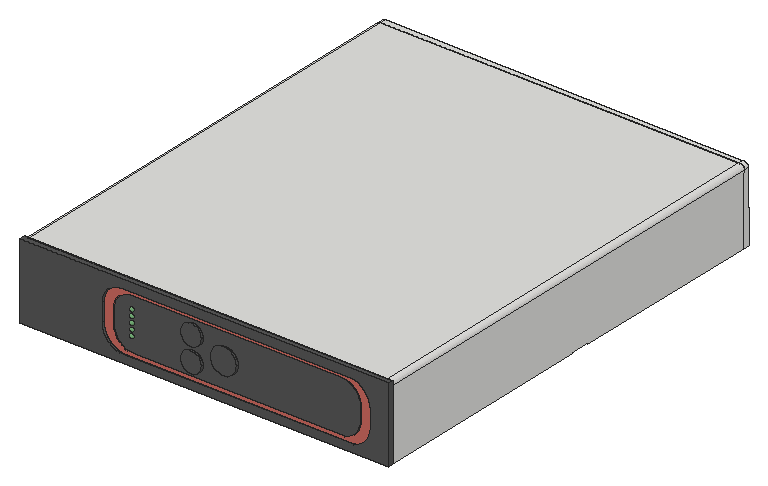
Revit family "Electronics_Video-Decoders_Biamp_Tesira_TesiraLUX_OH-1__", category Communication Devices, host Face, Revit 2020
Family settings
  Host = Face
  Maintain Annotation Orientation = No
  Round Connector Dimension = Use Diameter
  Part Type = Normal
  OmniClass Number = 23.85.10.11.11
  OmniClass Title = Sound and Signal Devices
  Cut with Voids When Loaded = No
  Shared = No
  Room Calculation Point = No
Parameters (values of type "OH-1")
  Width = 8.50"  # constant formula
  Weight = 4.00 lbf  # constant formula
  Voltage = 120 V
  Temperature Range = "32 - 104° F (0 - 40° C)"  # constant formula
  THD+N = "20Hz~20kHz: < 0.0035%"  # constant formula
  Supported Resolutions = "Up to 4K60"  # constant formula
  Selectable Full Scale Output Levels = "+24dBu, +18dBu, +12dBu, +6dBu, 0dBu, -31dBu"  # constant formula
  Sampling Rate = "48kHz"  # constant formula
  Rotation Angle [instance] = if(or([Nominal RMK-1], [Nominal RMK-2]), 0.00°, 90.00°)  # 90.00°
  RS-232 = "115200/8-N-1"  # constant formula
  Product data url = "https://www.bimobject.com/biamp/product/tesiralux-oh-1_video-encoders-decoder"
  Power Factor = 1
  Physical Interface = "HDMI"  # constant formula
  Output Impedance = "200 ohm (balanced)"  # constant formula
  Offset Entourage X [instance] = if([Nominal RMK-1], 4.4685", if([Nominal RMK-2], 4.46063", if([Nominal UTMK-1], 0.00", if(Nominal No mount, 0.00", 0.00"))))  # 0.00"
  UTMK-1 = UTMK-1 : UTMK-1
  URL = "https://www.biamp.com/"
  RMK-2 = RMK-2 : RMK-2
  Product Page URL = "https://www.biamp.com/products/tesira-video-encoders-decoders#tesiralux-oh-1"
  Product Documentation Link = "https://downloads.biamp.com/assets/docs/default-source/data-sheets/biamp_data_sheet_tesiralux_oh-1_feb20.pdf"
  RMK-1 = RMK-1 : RMK-1
  Offset Entourage Y [instance] = if([Nominal RMK-1], 1.385", if([Nominal RMK-2], 1.385", if([Nominal UTMK-1], 0.00", if(Nominal No mount, 0.00", 0.00"))))  # 0.00"
  Offset [instance] = if([Nominal RMK-1], 0.00", if([Nominal RMK-2], 0.08", if([Nominal UTMK-1], 0.08", if(Nominal No mount, 0.00", 0.00"))))  # 0.00"
  Number of Poles = 1  # constant formula
  Nominal UTMK-1 [instance] = Mount Type = [UTMK-1]  # no
  Nominal RMK-2 [instance] = Mount Type = [RMK-2]  # no
  Nominal RMK-1 [instance] = Mount Type = [RMK-1]  # no
  Nominal No mount [instance] = Mount Type = No mount  # yes
  No mount = No mount : No mount
  Mount Type [instance] = No mount : No mount
  Model = "TesiraLUX OH-1"  # constant formula
  Media Connections = "1Gb: RJ-45 twisted-pair Ethernet (Cat 5e and above); 10Gb: 10G fiber SFP+"  # constant formula
  Maximum Output = "+24dBu"  # constant formula
  Manufacturer = "Biamp"  # constant formula
  Logic Output Type = "Open Collector; Sink 40V/300mA per output"  # constant formula
  Logic Input Trigger = "Contact Closure or 5V TTL"  # constant formula
  LED Driver = "5V/10mA per output"  # constant formula
  Humidity = "0-95% relative humidity (non-condensing)"  # constant formula
  Housing Material = Biamp - Metal - Silver
  Height = 1.75"  # constant formula
  HDMI Audio Formats = "8ch PCM"  # constant formula
  Frequency Response = "+0.25 dB/-0.5 dB 20Hz~20kHz at +4dBu"  # constant formula
  Dynamic Range = "20Hz~20kHz, 0dB: > 110dB"  # constant formula
  Description = "TesiraLUX™ OH-1 AVB Video Decoder"  # constant formula
  Depth = 10.40"  # constant formula
  Default Elevation = 48.00"
  Current = 0.5 A
  Cross Talk = "channel to channel at 1kHz: < -95dB"  # constant formula
  Control Connection = "RJ-45 with Ethernet cable (Cat 5e and above)"  # constant formula
  Connector Description = "100 - 240V 50/60Hz"  # constant formula
  Compliance = "FCC Part 15B (USA); UL and C-UL (USA and Canada); CE Marked (Europe); RoHS Directive (Europe)"  # constant formula
  Colorspace = "Up to Rec. 2020"  # constant formula
  Color Formats = "Color Formats"  # constant formula
  Color Depth = "8-bit, 10-bit, 12-bit, 16-bit"  # constant formula
  Chroma Subsampling = "4:4:4, 4:2:2, 4:2:0"  # constant formula
  Assembly Code = ""
  Apparent Load = Voltage * Current  # 60 VA
  Altitude = "0-6,600 ft (0-2000m) MSL"  # constant formula
  A/D - D/A Converters = "24-bit"  # constant formula
Reference planes (in)
  plane 1 "Center (Front/Back)": y = 0
  plane 2: z = 0
  plane 3: x = 0
  plane 4: x = 4.25
  plane 5 "Center (Left/Right)": x = -4.25
  plane 6: y = 5.2
  plane 7: y = -5.2
  plane 8: z = 1.78516
  plane 9: y = -5.19922
  plane 10: y = -5.09462
  plane 11: z = 1.66016
  plane 12 "2": z = 0.03516
  plane 13: x = -4.70577
  plane 14: x = 13.63823
Lines and regions (in)
  symbolic lines, visible <- "Nominal RMK-1"
    curve 1: line (4.40636, -5.2, 0) -> (13.9683, -5.2, 0)
    curve 2: line (13.9683, -5.11416, 0) -> (4.40636, -5.11416, 0)
    curve 3: line (13.9683, -5.2, 0) -> (13.9683, -5.11416, 0)
  symbolic lines, visible <- "Nominal RMK-2"
    curve 4: line (13.28048, -5.09492, 0) -> (13.28048, -4.11311, 0)
    curve 5: line (13.17557, -4.11311, 0) -> (13.17557, -5.09458, 0)
    curve 6: line (13.17557, -4.11311, 0) -> (13.28048, -4.11311, 0)
    curve 7: arc (13.17557, -5.09458, 0) -> (13.21163, -5.18165, 0) -> (13.2987, -5.21771, 0) r 0.12313
    curve 8: line (13.92601, -5.11311, 0) -> (13.29794, -5.11311, 0)
    curve 9: line (13.92601, -5.21771, 0) -> (13.92601, -5.11311, 0)
    curve 10: line (13.2987, -5.21771, 0) -> (13.92601, -5.21771, 0)
    curve 11: arc (13.28048, -5.09492, 0) -> (13.28555, -5.10753, 0) -> (13.29794, -5.11311, 0) r 0.01821
  reference lines
    curve 12: line (-1.71783, -5.09462, 0) -> (-1.71783, -2.44879, 0)
Dimensions and locks (in)
  "Width": plane 5 "Center (Left/Right)" to plane 4
  equal spacing: plane 5 "Center (Left/Right)", plane 3, plane 4
  equal spacing: plane 7, plane 1 "Center (Front/Back)", plane 6
  "Depth": plane 6 to plane 7
  "Height": plane 8 to plane 12 "2"
  locked: plane 9 to plane 10 at 0.1046
  locked: plane 11 to plane 12 "2" at 1.625
  "Offset Entourage X": nested 1 to plane 3
  plane 8 to plane 12 "2" = 1.75"
  "Rotation Angle": angle curve 12 to plane 10
  aligned and locked: plane 2 to host face
  aligned and locked: level to host face
  aligned and locked: plane 10 to curve 12
  aligned and locked: plane 4 to nested 2
  aligned and locked: level to curve 12
Automatic sketch dimensions
  plane 7 to curve 1 = 0.00"
  curve 6 to plane 10 = 0.98151"
  curve 5 to curve 4 = 0.10491"
  curve 4 to curve 8 = 0.01746"
  plane 10 to curve 11 = 0.0003"
  curve 4 to curve 11 = 0.01821"
  curve 7 to plane 10 = 0.00004"
  curve 11 to curve 7 = 0.00001"
  curve 7 to curve 10 = 0.62731"
  curve 9 to curve 3 = 0.04229"
  plane 10 to curve 3 = 0.01954"
  host sketch curve to host sketch curve = 69.9283"
  host sketch curve to host sketch curve = 69.30298"
  plane 4 to curve 6 = 8.92557"
  plane 4 to curve 1 = 0.15636"
  curve 2 to curve 1 = 0.00"
Nested families (in)
  nested 1: "No mount" at (0, -3.81492, 0), type <- "Mount Type", type "No mount"
  nested 2: "TESIRA" at (-0.00197, 0, 0), Offset <- "Offset", type "OH-1"
    with Offset 0.00"
Connectors (in)
  electrical at (3.01775, 5.07966, 1.07599), driven by "Number of Poles", driven by "Voltage", driven by "Apparent Load", driven by "Power Factor", driven by "Connector Description"
    settings: on nested 2, index 1, voltage 120 V, apparent load 0 VA, apparent load phase1 60 VA, apparent load phase2 0 VA, apparent load phase3 0 VA, power factor 1, load classification "Other", number of poles 1, system type 31, power factor state 1, is connector primary yes, connector utility no, sub classification motor no, connector description "100 - 240V 50/60Hz"
  electrical at (1.22968, 5.07966, 1.1377)
    settings: on nested 2, index 2, voltage 0 V, apparent load 0 VA, apparent load phase1 0 VA, apparent load phase2 0 VA, apparent load phase3 0 VA, power factor 1, load classification "Other", number of poles 1, system type 5, power factor state 1, is connector primary no, connector utility no, sub classification motor no, connector description "RS-232;"
  electrical at (1.36305, 5.07966, 0.35622)
    settings: on nested 2, index 3, voltage 0 V, apparent load 0 VA, apparent load phase1 0 VA, apparent load phase2 0 VA, apparent load phase3 0 VA, power factor 1, load classification "Other", number of poles 1, system type 5, power factor state 1, is connector primary no, connector utility no, sub classification motor no, connector description "RJ-45; Control"
  electrical at (0.1004, 5.07966, 0.35115)
    settings: on nested 2, index 4, voltage 0 V, apparent load 0 VA, apparent load phase1 0 VA, apparent load phase2 0 VA, apparent load phase3 0 VA, power factor 1, load classification "Other", number of poles 1, system type 5, power factor state 1, is connector primary no, connector utility no, sub classification motor no, connector description "RJ-45; AVB Network connector"
  electrical at (0.06684, 5.07966, 1.03556)
    settings: on nested 2, index 5, voltage 0 V, apparent load 0 VA, apparent load phase1 0 VA, apparent load phase2 0 VA, apparent load phase3 0 VA, power factor 1, load classification "Other", number of poles 1, system type 5, power factor state 1, is connector primary no, connector utility no, sub classification motor no, connector description "Logic I/O"
  electrical at (-0.91725, 5.07966, 1.10599)
    settings: on nested 2, index 6, voltage 0 V, apparent load 0 VA, apparent load phase1 0 VA, apparent load phase2 0 VA, apparent load phase3 0 VA, power factor 1, load classification "Other", number of poles 1, system type 5, power factor state 1, is connector primary no, connector utility no, sub classification motor no, connector description "Audio Output 2"
  electrical at (-0.97427, 5.07966, 0.43782)
    settings: on nested 2, index 7, voltage 0 V, apparent load 0 VA, apparent load phase1 0 VA, apparent load phase2 0 VA, apparent load phase3 0 VA, power factor 1, load classification "Other", number of poles 1, system type 5, power factor state 1, is connector primary no, connector utility no, sub classification motor no, connector description "AVB SFP+"
  electrical at (-1.72237, 5.07966, 1.10318)
    settings: on nested 2, index 8, voltage 0 V, apparent load 0 VA, apparent load phase1 0 VA, apparent load phase2 0 VA, apparent load phase3 0 VA, power factor 1, load classification "Other", number of poles 1, system type 5, power factor state 1, is connector primary no, connector utility no, sub classification motor no, connector description "Audio Output 1"
  electrical at (-2.4154, 5.07966, 0.38188)
    settings: on nested 2, index 9, voltage 0 V, apparent load 0 VA, apparent load phase1 0 VA, apparent load phase2 0 VA, apparent load phase3 0 VA, power factor 1, load classification "Other", number of poles 1, system type 5, power factor state 1, is connector primary no, connector utility no, sub classification motor no, connector description "HDMI; Media Input"
Definition of nested family "TESIRA"
  Parameters (values of type "OH-1")
    Width = 8.50394"
    Weight = 4.00 lbf
    Offset 2 = 6.81724"
    OH-1 visible panel back = yes
    IDH-1 visible panel back = no
    URL = "https://www.biamp.com"
    Offset [instance] = 0.00"
    Model = "TESIRALUX IDH-1"
    Material Case = none
    Manufacturer = "Biamp®"
    Height = 1.73228"
    Description = "TesiraLUX™ IDH-1 is an AVB/TSN enabled video encoder capable of transmitting video signals up to and including 4K60. The IDH-1 functions as a server-class device in a Tesira media system and is confgured through the Tesira software. Acting as an AVB talker, the IDH-1 fully integrates digital audio and video on a single network, allowing for automatic lip sync management and end-to-end network transit latencies of 1.5 frames or less. Integrated design, configuration, and control is facilitated via a single software platform, reducing the design time needed to deploy media systems. Multiple software-based options are available for managing bandwidth, including setting maximum resolution, minimum frame rate, and/or a rate of compression. The AVB/TSN streams can be over 1Gb or 10Gb ports while control signals are managed via a separate 1Gb Ethernet port. The IDH-1 accepts 8 channels of PCM audio for embedding/deembedding, and includes 2 mic/line level analog inputs. The TesiraLUX IDH-1 is well suited for legal proceedings, lecture halls, multi-use spaces, and other applications where low latency, synchronized media distribution is needed."
    Depth = 10.3937"
    Default Elevation = 48.00"
    Assembly Code = "D6030.10"
  Reference planes (in)
    plane 1 "Center (Front/Back)": y = 0
    plane 2: z = 0
    plane 3 "Center (Left/Right)": x = 0
    plane 4: x = -4.25197
    plane 5: x = 4.25197
    plane 6: y = 5.19685
    plane 7: y = -5.19685
    plane 8: z = 0.0359
    plane 9: z = 0
    plane 10: z = 0.0359
    plane 11: z = 1.73228
    plane 12: y = -12.01409
  Forms (in)
    Extrusion 1, solid
      sketch origin (0, 0, 0) x (1, 0, 0) y (0, 1, 0)
        loop
          line (-48, 48) -> (-48, -48) -> (48, -48) -> (48, 48) -> (-48, 48)
      from 0 to -12
    Extrusion 2, solid, material <- "Material Case", visible <- "OH-1 visible panel back", detail levels fine
      sketch origin (0, 0, 0) x (1, 0, 0) y (0, 0, 1)
        loop
          arc (-4.13386, 1.73228) -> (-4.21737, 1.69769) -> (-4.25197, 1.61417) r 0.11811
          line (-4.25197, 1.61417) -> (-4.25197, 0) -> (4.25197, 0) -> (4.25197, 1.61417)
          arc (4.25197, 1.61417) -> (4.21737, 1.69769) -> (4.13386, 1.73228) r 0.11811
          line (4.13386, 1.73228) -> (-4.13386, 1.73228)
      from -5.19685 to -5.07966
    Extrusion 3, void, detail levels fine
      sketch origin (0, 0, 0) x (1, 0, 0) y (0, 0, 1)
        loop
          arc (-1.9061, 1.53543) -> (-2.22328, 1.40406) -> (-2.35466, 1.08688) r 0.44855
          line (-2.35466, 1.08688) -> (-2.35466, 0.66854)
          arc (-2.35466, 0.66854) -> (-2.20929, 0.31761) -> (-1.85836, 0.17224) r 0.49629
          line (-1.85836, 0.17224) -> (3.35675, 0.17224)
          arc (3.35675, 0.17224) -> (3.69746, 0.31337) -> (3.83858, 0.65408) r 0.48183
          line (3.83858, 0.65408) -> (3.83858, 1.04222)
          arc (3.83858, 1.04222) -> (3.69412, 1.39097) -> (3.34537, 1.53543) r 0.49322
          line (3.34537, 1.53543) -> (-1.9061, 1.53543)
      from 5.07874 to 5.19685
    Extrusion 4, solid, detail levels fine
      sketch origin (0, 0, 0) x (1, 0, 0) y (0, 0, 1)
        loop
          arc (-1.70316, 1.44439) -> (-1.99854, 1.32204) -> (-2.1209, 1.02665) r 0.41774
          line (-2.1209, 1.02665) -> (-2.1209, 0.69781)
          arc (-2.1209, 0.69781) -> (-1.98642, 0.37316) -> (-1.66176, 0.23868) r 0.45913
          line (-1.66176, 0.23868) -> (3.12883, 0.23868)
          arc (3.12883, 0.23868) -> (3.44801, 0.37089) -> (3.58022, 0.69006) r 0.45138
          line (3.58022, 0.69006) -> (3.58022, 1.00574)
          arc (3.58022, 1.00574) -> (3.45174, 1.31591) -> (3.14157, 1.44439) r 0.43865
          line (3.14157, 1.44439) -> (-1.70316, 1.44439)
      from 5.07874 to 5.15748
    Revolve 5, solid, detail levels fine
      sketch origin (-1.69644, 0, -0.14456) x (0, 0, 1) y (0, -1, 0)
        loop
          arc (1.33717, 5.15748) -> (1.29771, 5.19694) -> (1.25824, 5.15748) r 0.03946
          line (1.25824, 5.15748) -> (1.33717, 5.15748)
        loop
          arc (1.19785, 5.15748) -> (1.15839, 5.19694) -> (1.11892, 5.15748) r 0.03946
          line (1.11892, 5.15748) -> (1.19785, 5.15748)
        loop
          arc (1.05983, 5.15748) -> (1.02037, 5.19694) -> (0.9809, 5.15748) r 0.03946
          line (0.9809, 5.15748) -> (1.05983, 5.15748)
        loop
          arc (0.92095, 5.15748) -> (0.88149, 5.19694) -> (0.84202, 5.15748) r 0.03946
          line (0.84202, 5.15748) -> (0.92095, 5.15748)
        loop
          arc (0.78497, 5.15748) -> (0.7455, 5.19694) -> (0.70604, 5.15748) r 0.03946
          line (0.70604, 5.15748) -> (0.78497, 5.15748)
        axis (1.33717, 5.15748) -> (0.70604, 5.15748)
      angle from 270 to 450
    Extrusion 6, solid, detail levels fine
      sketch origin (0, 0.80907, 1.73228) x (1, 0, 0) y (0, 1, 0)
        loop
          line (4.25197, -5.88781) -> (-4.25197, -5.88781) -> (-4.25197, -6.00593) -> (4.25197, -6.00593) -> (4.25197, -5.88781)
      from 0 to -1.73228
    Extrusion 7, void, detail levels fine
      sketch origin (0, 0, 0) x (1, 0, 0) y (0, 0, 1)
        loop
          line (-2.10417, 0.50961) -> (-2.72269, 0.50961) -> (-2.72269, 0.25415) -> (-2.10417, 0.25415) -> (-2.10417, 0.50961)
        loop
          line (-1.39575, 1.32925) -> (-2.04505, 1.32925) -> (-2.04505, 0.87711) -> (-1.39575, 0.87711) -> (-1.39575, 1.32925)
        loop
          line (-0.59195, 1.33233) -> (-1.23861, 1.33233) -> (-1.23861, 0.87965) -> (-0.59195, 0.87965) -> (-0.59195, 1.33233)
        loop
          line (-0.6604, 0.65412) -> (-1.2842, 0.65412) -> (-1.2842, 0.22152) -> (-0.6604, 0.22152) -> (-0.6604, 0.65412)
        loop
          line (0.53271, 1.18718) -> (-0.3951, 1.18718) -> (-0.3951, 0.88393) -> (0.53271, 0.88393) -> (0.53271, 1.18718)
        loop
          line (0.42946, 0.60081) -> (-0.22473, 0.60081) -> (-0.22473, 0.10148) -> (0.42946, 0.10148) -> (0.42946, 0.60081)
        loop
          line (1.69335, 0.60635) -> (1.03668, 0.60635) -> (1.03668, 0.10609) -> (1.69335, 0.10609) -> (1.69335, 0.60635)
        loop
          line (1.49994, 1.37947) -> (0.97594, 1.37947)
          arc (0.97594, 1.37947) -> (0.86324, 1.32572) -> (0.83409, 1.2043) r 0.14502
          line (0.83409, 1.2043) -> (0.8716, 1.02786)
          arc (0.8716, 1.02786) -> (0.91572, 0.95585) -> (0.99533, 0.92766) r 0.1265
          line (0.99533, 0.92766) -> (1.465, 0.92766)
          arc (1.465, 0.92766) -> (1.54353, 0.95585) -> (1.58619, 1.02755) r 0.12345
          line (1.58619, 1.02755) -> (1.62508, 1.22766)
          arc (1.62508, 1.22766) -> (1.59831, 1.33308) -> (1.49994, 1.37947) r 0.12748
        loop
          line (3.4038, 1.53539) -> (2.63622, 1.53539)
          arc (2.63622, 1.53539) -> (2.47481, 1.46853) -> (2.40795, 1.30712) r 0.22827
          line (2.40795, 1.30712) -> (2.40795, 0.83462)
          arc (2.40795, 0.83462) -> (2.46988, 0.68511) -> (2.61939, 0.62318) r 0.21144
          line (2.61939, 0.62318) -> (3.4133, 0.62318)
          arc (3.4133, 0.62318) -> (3.56977, 0.68799) -> (3.63458, 0.84445) r 0.22127
          line (3.63458, 0.84445) -> (3.63458, 1.30461)
          arc (3.63458, 1.30461) -> (3.56698, 1.46779) -> (3.4038, 1.53539) r 0.23078
      from -5.19685 to -5.07966
    Extrusion 8, solid, detail levels medium
      sketch origin (0, 0.80907, 0) x (1, 0, 0) y (0, -1, 0)
        loop
          line (-4.25197, 5.88781) -> (4.25197, 5.88781) -> (4.25197, 6.00593) -> (-4.25197, 6.00593) -> (-4.25197, 5.88781)
      from 0 to -1.73228
    Extrusion 9, solid, material <- "Material Case", detail levels medium
      sketch origin (0, 0, 0) x (1, 0, 0) y (0, 0, 1)
        loop
          arc (-4.13386, 1.73228) -> (-4.21737, 1.69769) -> (-4.25197, 1.61417) r 0.11811
          line (-4.25197, 1.61417) -> (-4.25197, 0) -> (4.25197, 0) -> (4.25197, 1.61417)
          arc (4.25197, 1.61417) -> (4.21737, 1.69769) -> (4.13386, 1.73228) r 0.11811
          line (4.13386, 1.73228) -> (-4.13386, 1.73228)
      from -5.19685 to 5.07874
    Extrusion 10, solid, material <- "Material Case", detail levels coarse
      sketch origin (0, 0.80907, 0) x (1, 0, 0) y (0, -1, 0)
        loop
          line (-4.25197, -4.38778) -> (4.25197, -4.38778) -> (4.25197, 6.00593) -> (-4.25197, 6.00593) -> (-4.25197, -4.38778)
      from -1.73228 to 0
    Extrusion 11, solid, material <- "Material Case", detail levels fine
      sketch origin (-2.66886, 0, 0) x (1, 0, 0) y (0, 0, 1)
        loop
          arc (-1.465, 1.73228) -> (-1.54852, 1.69769) -> (-1.58311, 1.61417) r 0.11811
          line (-1.58311, 1.61417) -> (-1.58311, 0) -> (6.92082, 0) -> (6.92082, 1.61417)
          arc (6.92082, 1.61417) -> (6.88623, 1.69769) -> (6.80271, 1.73228) r 0.11811
          line (6.80271, 1.73228) -> (-1.465, 1.73228)
      from -5.07966 to 5.07874
    Extrusion 12, solid, material <- "Material Case", visible <- "IDH-1 visible panel back"
      sketch origin (0, 0, 0) x (1, 0, 0) y (0, 0, 1)
        loop
          line (4.25197, 0) -> (4.25197, 1.61417)
          arc (4.25197, 1.61417) -> (4.21737, 1.69769) -> (4.13386, 1.73228) r 0.11811
          line (4.13386, 1.73228) -> (-4.13386, 1.73228)
          arc (-4.13386, 1.73228) -> (-4.21737, 1.69769) -> (-4.25197, 1.61417) r 0.11811
          line (-4.25197, 1.61417) -> (-4.25197, 0) -> (4.25197, 0)
      from -5.19685 to -5.07966
    Extrusion 13, void, detail levels fine
      sketch origin (0, 0, 0) x (1, 0, 0) y (0, 0, 1)
        loop
          line (-2.10417, 0.50961) -> (-2.72269, 0.50961) -> (-2.72269, 0.25415) -> (-2.10417, 0.25415) -> (-2.10417, 0.50961)
        loop
          line (-1.39575, 1.32925) -> (-2.04505, 1.32925) -> (-2.04505, 0.87711) -> (-1.39575, 0.87711) -> (-1.39575, 1.32925)
        loop
          line (-0.59195, 1.33233) -> (-1.23861, 1.33233) -> (-1.23861, 0.87965) -> (-0.59195, 0.87965) -> (-0.59195, 1.33233)
        loop
          line (-0.6604, 0.65412) -> (-1.2842, 0.65412) -> (-1.2842, 0.22152) -> (-0.6604, 0.22152) -> (-0.6604, 0.65412)
        loop
          line (0.53271, 1.18718) -> (-0.3951, 1.18718) -> (-0.3951, 0.88393) -> (0.53271, 0.88393) -> (0.53271, 1.18718)
        loop
          line (0.42946, 0.60081) -> (-0.22473, 0.60081) -> (-0.22473, 0.10148) -> (0.42946, 0.10148) -> (0.42946, 0.60081)
        loop
          line (1.69335, 0.60635) -> (1.03668, 0.60635) -> (1.03668, 0.10609) -> (1.69335, 0.10609) -> (1.69335, 0.60635)
        loop
          line (1.49994, 1.37947) -> (0.97594, 1.37947)
          arc (0.97594, 1.37947) -> (0.86324, 1.32572) -> (0.83409, 1.2043) r 0.14502
          line (0.83409, 1.2043) -> (0.8716, 1.02786)
          arc (0.8716, 1.02786) -> (0.91572, 0.95585) -> (0.99533, 0.92766) r 0.1265
          line (0.99533, 0.92766) -> (1.465, 0.92766)
          arc (1.465, 0.92766) -> (1.54353, 0.95585) -> (1.58619, 1.02755) r 0.12345
          line (1.58619, 1.02755) -> (1.62508, 1.22766)
          arc (1.62508, 1.22766) -> (1.59831, 1.33308) -> (1.49994, 1.37947) r 0.12748
        loop
          line (3.4038, 1.53539) -> (2.63622, 1.53539)
          arc (2.63622, 1.53539) -> (2.47481, 1.46853) -> (2.40795, 1.30712) r 0.22827
          line (2.40795, 1.30712) -> (2.40795, 0.83462)
          arc (2.40795, 0.83462) -> (2.46988, 0.68511) -> (2.61939, 0.62318) r 0.21144
          line (2.61939, 0.62318) -> (3.4133, 0.62318)
          arc (3.4133, 0.62318) -> (3.56977, 0.68799) -> (3.63458, 0.84445) r 0.22127
          line (3.63458, 0.84445) -> (3.63458, 1.30461)
          arc (3.63458, 1.30461) -> (3.56698, 1.46779) -> (3.4038, 1.53539) r 0.23078
        loop
          line (-3.13743, 0.50961) -> (-3.75595, 0.50961) -> (-3.75595, 0.25415) -> (-3.13743, 0.25415) -> (-3.13743, 0.50961)
      from -5.19685 to -5.07966
    Extrusion 14, void
      sketch origin (0, 0, 0) x (1, 0, 0) y (0, 1, 0)
        loop
          line (3.96375, 0.57455) -> (3.96375, 0.10455) -> (4.25197, 0.10455) -> (4.25197, 0.57455) -> (3.96375, 0.57455)
        loop
          line (-3.96375, 0.57455) -> (-4.25197, 0.57455) -> (-4.25197, 0.10455) -> (-3.96375, 0.10455) -> (-3.96375, 0.57455)
      from 0 to 0.0359
    Extrusion 15, solid, detail levels fine
      sketch origin (0, 0, 0) x (1, 0, 0) y (0, 0, 1)
        loop
          arc (-1.70316, 1.44439) -> (-1.99854, 1.32204) -> (-2.1209, 1.02665) r 0.41774
          line (-2.1209, 1.02665) -> (-2.1209, 0.69781)
          arc (-2.1209, 0.69781) -> (-1.98642, 0.37316) -> (-1.66176, 0.23868) r 0.45913
          line (-1.66176, 0.23868) -> (3.12883, 0.23868)
          arc (3.12883, 0.23868) -> (3.44801, 0.37089) -> (3.58022, 0.69006) r 0.45138
          line (3.58022, 0.69006) -> (3.58022, 1.00574)
          arc (3.58022, 1.00574) -> (3.45174, 1.31591) -> (3.14157, 1.44439) r 0.43865
          line (3.14157, 1.44439) -> (-1.70316, 1.44439)
        loop
          arc (-1.9061, 1.53543) -> (-2.22328, 1.40406) -> (-2.35466, 1.08688) r 0.44855
          line (-2.35466, 1.08688) -> (-2.35466, 0.66854)
          arc (-2.35466, 0.66854) -> (-2.20929, 0.31761) -> (-1.85836, 0.17224) r 0.49629
          line (-1.85836, 0.17224) -> (3.35675, 0.17224)
          arc (3.35675, 0.17224) -> (3.69746, 0.31337) -> (3.83858, 0.65408) r 0.48183
          line (3.83858, 0.65408) -> (3.83858, 1.04222)
          arc (3.83858, 1.04222) -> (3.69412, 1.39097) -> (3.34537, 1.53543) r 0.49322
          line (3.34537, 1.53543) -> (-1.9061, 1.53543)
      from 5.07874 to 5.15748
    Extrusion 16, solid, detail levels fine
      sketch origin (0, 0, 0) x (1, 0, 0) y (0, 0, 1)
        loop
          circle (-0.30803, 1.13228) r 0.24
        loop
          circle (-0.30803, 0.56352) r 0.24
        loop
          circle (0.44197, 0.8479) r 0.3
      from 5.07874 to 5.19685
  Cuts and joins
    Extrusion 3, Extrusion 7 cuts Extrusion 2
    Extrusion 3 cuts Extrusion 6
    Extrusion 13 cuts Extrusion 12
    Extrusion 14 cuts Extrusion 9
    Extrusion 14 cuts Extrusion 10
    Extrusion 14 cuts Extrusion 11
  Lines and regions (in)
    Masking region 1
      outline origin (0, 0, 0) x (1, 0, 0) y (0, 1, 0)
        loop
          line (-4.25197, 5.19685) -> (-4.25197, -5.19685) -> (4.25197, -5.19685) -> (4.25197, 5.19685) -> (-4.25197, 5.19685)
    symbolic lines, detail levels medium+fine
      curve 1: line (-4.25197, 5.07966, 0) -> (4.25197, 5.07966, 0)
      curve 2: line (4.25197, -5.07874, 0) -> (-4.25197, -5.07874, 0)
  Dimensions and locks (in)
    equal spacing: plane 4, plane 3 "Center (Left/Right)", plane 5
    "Width": plane 4 to plane 5
    equal spacing: plane 6, plane 1 "Center (Front/Back)", plane 7
    "Depth": plane 7 to plane 6
    locked: plane 9 to plane 8 at 0.0359
    locked: plane 11 to Extrusion 15 sketch curve at 0.19685
    locked: Extrusion 15 sketch curve to plane 10 at 0.13634
    locked: Extrusion 15 sketch curve to plane 10 at 0.20278
    locked: plane 11 to Extrusion 15 sketch curve at 0.28789
    locked: plane 11 to plane 10 at 1.69638
    "Offset": plane 9 to level
    "Offset 2": plane 7 to plane 12
    Extrusion 16 sketch curve to plane 5 = 4.56"
    locked: cut or joined group of Extrusion 10, Extrusion 14 to Extrusion 16 sketch curve at 0.6
    locked: Extrusion 16 sketch curve to Extrusion 16 sketch curve at 0.56876
    locked: cut or joined group of Extrusion 10, Extrusion 14 to Extrusion 16 sketch curve at 0.88438
    locked: Extrusion 16 sketch curve to plane 3 "Center (Left/Right)" at 0.44197
    aligned and locked: plane 2 to Extrusion 1
    aligned and locked: level to Extrusion 1
    aligned and locked: plane 4 to Extrusion 2 sketch curve
    aligned and locked: plane 5 to Extrusion 2 sketch curve
    aligned and locked: plane 6 to Extrusion 2
    aligned and locked: plane 7 to cut or joined group of Extrusion 2, Extrusion 3, Extrusion 7
    aligned and locked: plane 7 to Extrusion 6 sketch curve
    aligned and locked: Extrusion 6 sketch curve to plane 4
    aligned and locked: Extrusion 6 sketch curve to plane 5
    aligned and locked: plane 6 to cut or joined group of Extrusion 2, Extrusion 3, Extrusion 7
    aligned and locked: plane 5 to Extrusion 8 sketch curve
    aligned and locked: Extrusion 8 sketch curve to plane 7
    aligned and locked: plane 4 to Extrusion 8 sketch curve
    aligned and locked: plane 4 to Extrusion 9 sketch curve
    aligned and locked: plane 5 to Extrusion 9 sketch curve
    aligned and locked: plane 5 to Extrusion 10 sketch curve
    aligned and locked: plane 4 to Extrusion 10 sketch curve
    aligned and locked: Extrusion 10 sketch curve to plane 7
    aligned and locked: Extrusion 11 to plane 5
    aligned and locked: Extrusion 11 to plane 4
    aligned and locked: plane 6 to Extrusion 12
    aligned and locked: plane 8 to cut or joined group of Extrusion 11, Extrusion 14
    aligned and locked: cut or joined group of Extrusion 11, Extrusion 14 to plane 9
    aligned and locked: plane 8 to plane 10
    aligned and locked: plane 9 to cut or joined group of Extrusion 9, Extrusion 14  (x2)
    aligned and locked: plane 9 to cut or joined group of Extrusion 12, Extrusion 13
    aligned and locked: plane 9 to cut or joined group of Extrusion 2, Extrusion 3, Extrusion 7
    aligned and locked: Masking region 1 sketch curve to plane 4
    aligned and locked: Masking region 1 sketch curve to plane 6
    aligned and locked: Masking region 1 sketch curve to plane 5
    aligned and locked: Masking region 1 sketch curve to plane 7
  Automatic sketch dimensions
    Extrusion 1 sketch curve to Extrusion 1 sketch curve = 96.00"  (x2)
    Extrusion 4 sketch curve to Extrusion 4 sketch curve = 0.04139"
    Revolve 5 sketch curve to Revolve 5 sketch curve = 0.03946"  (x5)
    Revolve 5 sketch curve to Revolve 5 sketch curve = 0.05706"
    Revolve 5 sketch curve to Revolve 5 sketch curve = 0.05995"
    Revolve 5 sketch curve to Revolve 5 sketch curve = 0.05909"
    Revolve 5 sketch curve to Revolve 5 sketch curve = 0.06039"
    Revolve 5 sketch curve to Revolve 5 sketch curve = 0.00847"
    Revolve 5 sketch curve to Revolve 5 sketch curve = 0.03629"
    Extrusion 7 sketch curve to Extrusion 7 sketch curve = 0.76758"
    Extrusion 7 sketch curve to Extrusion 7 sketch curve = 0.21144"
    Extrusion 7 sketch curve to Extrusion 7 sketch curve = 0.7146"
    Extrusion 7 sketch curve to Extrusion 7 sketch curve = 0.06826"
    Extrusion 7 sketch curve to Extrusion 7 sketch curve = 0.0389"
    Extrusion 7 sketch curve to Extrusion 7 sketch curve = 0.12514"
    Extrusion 7 sketch curve to Extrusion 7 sketch curve = 0.12118"
    Extrusion 7 sketch curve to Extrusion 7 sketch curve = 0.42832"
    Extrusion 7 sketch curve to Extrusion 7 sketch curve = 0.04135"
    Extrusion 7 sketch curve to Extrusion 7 sketch curve = 0.01939"
    Extrusion 7 sketch curve to Extrusion 7 sketch curve = 0.12374"
    Extrusion 7 sketch curve to Extrusion 7 sketch curve = 0.14185"
    Extrusion 7 sketch curve to Extrusion 7 sketch curve = 0.30138"
    Extrusion 7 sketch curve to Extrusion 7 sketch curve = 0.10325"
    Extrusion 7 sketch curve to plane 3 "Center (Left/Right)" = 0.22473"
    Extrusion 7 sketch curve to Extrusion 7 sketch curve = 0.17037"
    Extrusion 7 sketch curve to Extrusion 7 sketch curve = 0.19685"
    Extrusion 7 sketch curve to Extrusion 7 sketch curve = 0.06845"
    Extrusion 7 sketch curve to Extrusion 7 sketch curve = 0.57821"
    Extrusion 7 sketch curve to Extrusion 7 sketch curve = 0.04559"
    Extrusion 7 sketch curve to Extrusion 7 sketch curve = 0.15714"
    Extrusion 7 sketch curve to Extrusion 7 sketch curve = 0.25546"
    Extrusion 7 sketch curve to Extrusion 7 sketch curve = 0.3675"
    Extrusion 7 sketch curve to Extrusion 7 sketch curve = 0.00254"
    Extrusion 7 sketch curve to Extrusion 7 sketch curve = 0.00428"
    Extrusion 7 sketch curve to Extrusion 7 sketch curve = 0.0999"
    level to Extrusion 11 sketch curve = 0.00"
    Extrusion 11 sketch curve to plane 4 = 0.00"
    plane 5 to Extrusion 11 sketch curve = 0.00"
    Extrusion 12 sketch curve to plane 4 = 0.00"
    plane 5 to Extrusion 12 sketch curve = 0.00"
    level to Extrusion 12 sketch curve = 0.00"
    Extrusion 13 sketch curve to Extrusion 13 sketch curve = 0.76758"
    Extrusion 13 sketch curve to Extrusion 13 sketch curve = 0.01683"
    Extrusion 13 sketch curve to Extrusion 13 sketch curve = 0.21144"
    Extrusion 13 sketch curve to Extrusion 13 sketch curve = 0.7146"
    Extrusion 13 sketch curve to Extrusion 13 sketch curve = 0.06826"
    Extrusion 13 sketch curve to Extrusion 13 sketch curve = 0.0389"
    Extrusion 13 sketch curve to Extrusion 13 sketch curve = 0.12514"
    Extrusion 13 sketch curve to Extrusion 13 sketch curve = 0.12118"
    Extrusion 13 sketch curve to Extrusion 13 sketch curve = 0.42832"
    Extrusion 13 sketch curve to Extrusion 13 sketch curve = 0.04135"
    Extrusion 13 sketch curve to Extrusion 13 sketch curve = 0.01939"
    Extrusion 13 sketch curve to Extrusion 13 sketch curve = 0.12374"
    Extrusion 13 sketch curve to Extrusion 13 sketch curve = 0.14185"
    Extrusion 13 sketch curve to Extrusion 13 sketch curve = 0.30138"
    plane 3 "Center (Left/Right)" to Extrusion 13 sketch curve = 0.42946"
    Extrusion 13 sketch curve to plane 3 "Center (Left/Right)" = 0.22473"
    Extrusion 13 sketch curve to plane 3 "Center (Left/Right)" = 0.3951"
    Extrusion 13 sketch curve to Extrusion 13 sketch curve = 0.19685"
    Extrusion 13 sketch curve to Extrusion 13 sketch curve = 0.43567"
    Extrusion 13 sketch curve to Extrusion 13 sketch curve = 0.57821"
    Extrusion 13 sketch curve to Extrusion 13 sketch curve = 0.62381"
    Extrusion 13 sketch curve to Extrusion 13 sketch curve = 0.15714"
    Extrusion 13 sketch curve to Extrusion 13 sketch curve = 0.41473"
    Extrusion 13 sketch curve to Extrusion 13 sketch curve = 0.25546"  (x2)
    Extrusion 13 sketch curve to Extrusion 13 sketch curve = 0.3675"
    Extrusion 13 sketch curve to Extrusion 13 sketch curve = 0.22552"
    Extrusion 13 sketch curve to Extrusion 13 sketch curve = 0.28312"
    Extrusion 13 sketch curve to Extrusion 13 sketch curve = 0.1002"
    Extrusion 13 sketch curve to Extrusion 13 sketch curve = 0.14514"
    Extrusion 13 sketch curve to Extrusion 13 sketch curve = 0.03015"
    Extrusion 15 sketch curve to Extrusion 15 sketch curve = 0.04139"
    Extrusion 15 sketch curve to Extrusion 15 sketch curve = 0.20294"
    Extrusion 15 sketch curve to Extrusion 15 sketch curve = 0.02927"
    Extrusion 15 sketch curve to Extrusion 15 sketch curve = 0.03648"
    level to Extrusion 2 sketch curve = 0.00"
    Extrusion 2 sketch curve to Extrusion 2 sketch curve = 0.11811"
    plane 5 to Extrusion 2 sketch curve = 0.11811"
    plane 8 to Extrusion 2 sketch curve = 1.57827"
    plane 8 to Extrusion 3 sketch curve = 0.63264"
    plane 4 to Extrusion 3 sketch curve = 1.89731"
    Extrusion 3 sketch curve to Extrusion 3 sketch curve = 0.44855"
    plane 8 to Extrusion 3 sketch curve = 0.13634"
    plane 5 to Extrusion 3 sketch curve = 0.9066"
    Extrusion 3 sketch curve to Extrusion 3 sketch curve = 0.01138"
    plane 5 to Extrusion 3 sketch curve = 0.41339"
    Extrusion 3 sketch curve to Extrusion 3 sketch curve = 0.38814"
    plane 8 to Extrusion 4 sketch curve = 0.66191"
    Extrusion 4 sketch curve to plane 3 "Center (Left/Right)" = 2.1209"
    Extrusion 4 sketch curve to Extrusion 4 sketch curve = 0.41774"
    plane 5 to Extrusion 4 sketch curve = 1.12313"
    Extrusion 4 sketch curve to Extrusion 4 sketch curve = 0.01273"
    Extrusion 4 sketch curve to Extrusion 4 sketch curve = 0.43865"
    Extrusion 4 sketch curve to Extrusion 4 sketch curve = 0.31568"
    plane 8 to Revolve 5 sketch curve = 0.52557"
    Extrusion 7 sketch curve to Extrusion 7 sketch curve = 0.6493"
    Extrusion 7 sketch curve to Extrusion 7 sketch curve = 0.05912"
    plane 8 to Extrusion 7 sketch curve = 0.21825"
    Extrusion 7 sketch curve to Extrusion 7 sketch curve = 0.61853"
    plane 3 "Center (Left/Right)" to Extrusion 7 sketch curve = 0.42946"
    Extrusion 7 sketch curve to Extrusion 7 sketch curve = 0.22827"
    Extrusion 7 sketch curve to Extrusion 7 sketch curve = 0.00951"
    Extrusion 7 sketch curve to Extrusion 7 sketch curve = 0.22127"
    plane 8 to Extrusion 7 sketch curve = 0.18562"
    plane 8 to Extrusion 7 sketch curve = 0.07019"
    plane 8 to Extrusion 7 sketch curve = 0.06558"
    Extrusion 7 sketch curve to Extrusion 7 sketch curve = 0.28312"
    Extrusion 7 sketch curve to Extrusion 7 sketch curve = 0.50026"
    plane 8 to Extrusion 7 sketch curve = 0.58728"
    Extrusion 7 sketch curve to Extrusion 7 sketch curve = 0.22552"
    Extrusion 7 sketch curve to Extrusion 7 sketch curve = 0.32131"
    Extrusion 7 sketch curve to Extrusion 7 sketch curve = 0.1002"
    Extrusion 7 sketch curve to Extrusion 7 sketch curve = 0.30325"
    Extrusion 7 sketch curve to Extrusion 7 sketch curve = 0.17644"
    Extrusion 7 sketch curve to Extrusion 7 sketch curve = 0.20011"
    Extrusion 7 sketch curve to Extrusion 7 sketch curve = 0.03015"
    Extrusion 7 sketch curve to Extrusion 7 sketch curve = 0.46015"
    Extrusion 7 sketch curve to Extrusion 7 sketch curve = 0.45214"
    Extrusion 7 sketch curve to Extrusion 7 sketch curve = 0.00308"
    level to Extrusion 9 sketch curve = 0.00"
    plane 4 to Extrusion 9 sketch curve = 0.11811"
    Extrusion 9 sketch curve to Extrusion 9 sketch curve = 0.11811"
    plane 8 to Extrusion 9 sketch curve = 1.57827"
    Extrusion 11 sketch curve to Extrusion 11 sketch curve = 0.11811"
    plane 5 to Extrusion 11 sketch curve = 0.11811"
    plane 8 to Extrusion 11 sketch curve = 1.57827"
    Extrusion 12 sketch curve to Extrusion 12 sketch curve = 0.11811"
    plane 5 to Extrusion 12 sketch curve = 0.11811"
    plane 8 to Extrusion 12 sketch curve = 1.57827"
    Extrusion 13 sketch curve to Extrusion 13 sketch curve = 0.6493"
    Extrusion 13 sketch curve to Extrusion 13 sketch curve = 0.05912"
    Extrusion 13 sketch curve to Extrusion 13 sketch curve = 0.61853"
    plane 8 to Extrusion 13 sketch curve = 0.21825"  (x2)
    plane 4 to Extrusion 13 sketch curve = 0.49602"
    Extrusion 13 sketch curve to Extrusion 13 sketch curve = 0.10325"
    Extrusion 13 sketch curve to Extrusion 13 sketch curve = 0.00951"
    Extrusion 13 sketch curve to Extrusion 13 sketch curve = 0.23078"
    plane 8 to Extrusion 13 sketch curve = 0.18562"
    plane 8 to Extrusion 13 sketch curve = 0.07019"
    plane 8 to Extrusion 13 sketch curve = 0.06558"
    Extrusion 13 sketch curve to Extrusion 13 sketch curve = 0.49933"
    Extrusion 13 sketch curve to Extrusion 13 sketch curve = 0.50026"
    plane 8 to Extrusion 13 sketch curve = 0.58728"
    Extrusion 13 sketch curve to Extrusion 13 sketch curve = 0.22981"
    Extrusion 13 sketch curve to Extrusion 13 sketch curve = 0.32131"
    Extrusion 13 sketch curve to Extrusion 13 sketch curve = 0.0999"
    Extrusion 13 sketch curve to Extrusion 13 sketch curve = 0.30325"
    Extrusion 13 sketch curve to Extrusion 13 sketch curve = 0.17644"
    Extrusion 13 sketch curve to Extrusion 13 sketch curve = 0.15181"
    Extrusion 13 sketch curve to Extrusion 13 sketch curve = 0.46015"
    Extrusion 13 sketch curve to Extrusion 13 sketch curve = 0.45214"
    plane 4 to Extrusion 15 sketch curve = 1.89731"
    Extrusion 15 sketch curve to Extrusion 15 sketch curve = 0.23376"
    Extrusion 15 sketch curve to Extrusion 15 sketch curve = 0.21479"
    plane 5 to Extrusion 15 sketch curve = 1.12313"
    Extrusion 15 sketch curve to Extrusion 15 sketch curve = 0.01273"
    Extrusion 15 sketch curve to Extrusion 15 sketch curve = 0.2038"
    Extrusion 15 sketch curve to Extrusion 15 sketch curve = 0.22792"
    Extrusion 15 sketch curve to Extrusion 15 sketch curve = 0.22347"
    Revolve 5 sketch curve to plane 7 = 0.03937"  (x5)
    Revolve 5 sketch curve to Revolve 5 sketch curve = 0.00"
    Extrusion 10 sketch curve to plane 6 = 0.00"
    Extrusion 8 sketch curve to plane 7 = 0.11811"
    Extrusion 6 sketch curve to Extrusion 6 sketch curve = 0.11811"
    Extrusion 14 sketch curve to plane 5 = 0.00"
    Extrusion 14 sketch curve to Extrusion 14 sketch curve = 0.28822"
    plane 5 to Extrusion 14 sketch curve = 0.28822"
    Extrusion 14 sketch curve to plane 1 "Center (Front/Back)" = 0.10455"  (x2)
    Extrusion 14 sketch curve to Extrusion 14 sketch curve = 0.47"  (x2)
    Extrusion 14 sketch curve to plane 4 = 0.00"
    curve 2 to plane 4 = 0.00"
    curve 1 to plane 4 = 0.00"
    curve 2 to plane 5 = 0.00"
    curve 1 to plane 5 = 0.00"
    curve 2 to plane 7 = 0.11811"
    curve 1 to plane 6 = 0.11719"
    Extrusion 16 sketch curve to plane 3 "Center (Left/Right)" = 0.30803"
    radius of Extrusion 16 sketch curve = 0.24"  (x2)
    radius of Extrusion 16 sketch curve = 0.30"
Definition of nested family "No mount"
  Parameters (values of type "No mount")
    Material Plenum Box = none
    Height = 12.00"
    Default Elevation = 48.00"
  Reference planes (in)
    plane 1 "Center (Front/Back)": y = 0
    plane 2: z = 0
    plane 3 "Center (Left/Right)": x = 0
    plane 4: x = -6
    plane 5: x = 6
    plane 6: y = 6
    plane 7: y = -6
    plane 8: z = 4.11483
    plane 9: z = 4.6
    plane 10: y = 4.65
    plane 11: y = -4.65
    plane 12: x = -4.525
    plane 13: x = 4.525
  Dimensions and locks (in)
    equal spacing: plane 4, plane 3 "Center (Left/Right)", plane 5
    equal spacing: plane 6, plane 1 "Center (Front/Back)", plane 7
    plane 4 to plane 5 = 12.00"
    "Height": plane 6 to plane 7
    plane 8 to level = 4.11483"
    plane 9 to plane 8 = 0.48517"
    equal spacing: plane 10, plane 1 "Center (Front/Back)", plane 11
    equal spacing: plane 12, plane 3 "Center (Left/Right)", plane 13
    aligned and locked: plane 2 to level
